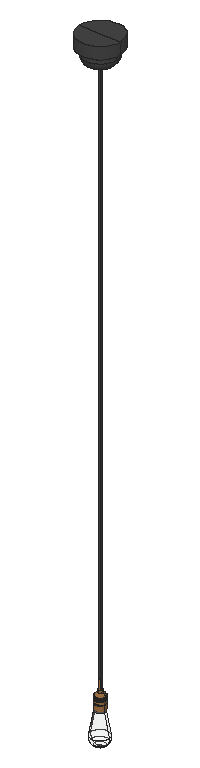
Revit family "SPO-BP MB", category Lighting Fixtures, Revit 2020
Family settings
  Round Connector Dimension = Use Diameter
  Part Type = Normal
  OmniClass Number = 23.80.70.00
  OmniClass Title = Lighting
  Work Plane-Based = No
  Always vertical = Yes
  Cut with Voids When Loaded = No
  Light Source = Yes
  Shared = No
  Room Calculation Point = No
Parameters (values of type "SPO-BP")
  Weight = "0.30 lbs"
  Wattage Comments = "60W Max"
  Wattage = 1.6 W
  Warranty = "5 year limited warranty"  # constant formula
  built-in parameter 1150110 = 1 (stored number, unit not read)
  Voltage = 277 V
  URL = "https://www.anplighting.com/assets/Uploads/product-attachments/specification-sheets/ANP-Specification-Sheet-SPO-BP.pdf"
  built-in parameter 1114217 = 1 (stored number, unit not read)
  Tilt Angle = 90.00°
  built-in parameter 1150109 = 1 (stored number, unit not read)
  built-in parameter 1150134 = 12
  built-in parameter 1150113 = 1 (stored number, unit not read)
  SPO-BP = yes
  Ring = RING
  Mounting Option [instance] = 1
  Power Factor = 1
  Post Mount [instance] = Mounting Option = 5  # no
  Placement X axis side [instance] = if(Post Mount, 2' 2 15/32", if(Cord or Stem Mount, 0' 0", if(E36 20 inch, 1' 8 1/4", if(E 6 26 inch, 2' 2", if(E7 41 inch, 3' 5 1/4", 0' 1")))))  # 0' - 0"
  Photometric Web File = "generic.ies"
  Model = "SPO-BP"
  Manufacturer = "ANP Lighting"  # constant formula
  built-in parameter 1150105 = 2000 (stored number, unit not read)
  Lumens = 2000 lm
  built-in parameter 1150115 = 1 (stored number, unit not read)
  Load Classification = Lighting
  Light Source Height [instance] = 0' - 6 205/256"
  built-in parameter 1150137 = (empty or 0)
  built-in parameter 1150139 = (empty or 0)
  Light Elevation _2 [instance] = if(Post Mount, 0' 0.66142", if(E7 41 inch, 0' 0.66142", if(E36 20 inch, 0' 1.65748", if(E 6 26 inch, 0' 1.53543", if(Cord or Stem Mount, (0' 4.3622" + Cord Length), 0' 0")))))  # 6' - 4.3622"
  Light Elevation _1 [instance] = if(Post Mount, 0' 0", if(E7 41 inch, 0' 0", if(E36 20 inch, 0' 1", if(E 6 26 inch, 0' 0.87402", if(Cord or Stem Mount, (0' 3.66142" + Cord Length), 0' 0")))))  # 6' - 3.66142"
  Light Elevation [instance] = if(Post Mount, 14' 0.5315", if(E7 41 inch, 0' 0", 0' 0"))  # 0' - 0"
  built-in parameter 1150112 = 1 (stored number, unit not read)
  built-in parameter 1150114 = 1 (stored number, unit not read)
  Lamp = "MED-BASE"
  built-in parameter 1150132 = 2
  built-in parameter 1150102 = (empty or 0)
  built-in parameter 1150107 = 4000 (stored number, unit not read)
  built-in parameter 1150138 = (empty or 0)
  built-in parameter 1150106 = 20 (stored number, unit not read)
  GLASS = Glass
  Fixture Height = 0' - 2 1/4"
  Fixture Diameter = 0' - 1 3/8"
  built-in parameter 1150104 = 116.13 (stored number, unit not read)
  E7 41 inch [instance] = Mounting Option = 4  # no
  E36 20 inch [instance] = Mounting Option = 3  # no
  E 6 26 inch [instance] = Mounting Option = 2  # no
  Dimming Lamp Color Temperature Shift = <None>
  Description = "120-277 Voltage"  # constant formula
  Default Elevation = 0' - 0"
  Cord or Stem Mount [instance] = Mounting Option = 1  # yes
  Cord Length option [instance] = 0
  Cord Length [instance] = if([2' Cord], 2' 0", if([4' Cord], 4' 0", if([8' Cord], 8' 0", if([10' Cord], 10' 0", if([6' Cord], 6' 0", 6' 0")))))  # 6' - 0"
  Construction Material = "Heavy Duty spun aluminum."  # constant formula
  Color Filter = 16777215
  Body Material = body
  Body Colour = "Spun aluminium"  # constant formula
  built-in parameter 1114218 = 1 (stored number, unit not read)
  built-in parameter 1150133 = 10 (stored number, unit not read)
  Apparent Load = 60 VA
  8' Cord [instance] = Cord Length option = 8  # no
  6' Cord [instance] = Cord Length option = 6  # no
  4' Cord [instance] = Cord Length option = 4  # no
  2' Cord [instance] = Cord Length option = 2  # no
  10' Cord [instance] = Cord Length option = 10  # no
Reference planes (in)
  plane 1 "Light Source Axis (F/B)": y = 0
  plane 2: z = 0
  plane 3 "Light Source Axis (L/R)": x = 0
  plane 4 "Light Source Elevation": z = 0
  plane 5: z = 0
  plane 6: x = 0
  plane 7 "Bulb Position": z = -76.3622
  plane 8 "Canopy Position": z = -75.66142
  plane 9 "IES": z = -83.16299
Dimensions and locks (in)
  "Light Elevation": plane 5 to plane 2
  "Placement X axis side": plane 6 to plane 3 "Light Source Axis (L/R)"
  "Light Elevation _2": plane 5 to plane 7 "Bulb Position"
  "Light Elevation _1": plane 5 to plane 8 "Canopy Position"
  "Light Source Height": plane 7 "Bulb Position" to plane 9 "IES"
  locked: plane 4 "Light Source Elevation" to plane 2
  aligned and locked: level to plane 2
  aligned and locked: plane 1 "Light Source Axis (F/B)" to nested 5
  aligned and locked: nested 5 to plane 2
  aligned and locked: nested 1 to plane 3 "Light Source Axis (L/R)"
  aligned and locked: plane 3 "Light Source Axis (L/R)" to nested 2
  aligned and locked: plane 3 "Light Source Axis (L/R)" to nested 4
  aligned and locked: nested 3 to plane 5
  aligned and locked: plane 3 "Light Source Axis (L/R)" to nested 3
  aligned and locked: plane 3 "Light Source Axis (L/R)" to nested 5
  aligned and locked: plane 1 "Light Source Axis (F/B)" to nested 2
  aligned and locked: plane 1 "Light Source Axis (F/B)" to nested 1
  aligned and locked: plane 1 "Light Source Axis (F/B)" to nested 4
  aligned and locked: plane 1 "Light Source Axis (F/B)" to nested 3
  aligned and locked: plane 2 to nested 1
  aligned and locked: plane 2 to nested 2
  aligned and locked: nested 4 to plane 2
  aligned and locked: imposter light to plane 9 "IES"
  aligned and locked: imposter light to plane 6
  aligned and locked: nested 6 to plane 6
  aligned and locked: nested 6 to plane 8 "Canopy Position"
Nested families (in)
  nested 1: "CORD OR STEM MOUNT" at (0, 0, -75.67), visible <- "Cord or Stem Mount", Cord or Stem Mount <- "Cord or Stem Mount", Body Material <- "Body Material", Light Elevation <- "Light Elevation", Cord Length <- "Cord Length", 10' Cord <- "10' Cord", 2' Cord <- "2' Cord", 4' Cord <- "4' Cord", 6' Cord <- "6' Cord", 8' Cord <- "8' Cord", type "CORD OR STEM MOUNT"
    with Light Elevation 0' - 0", Cord or Stem Mount yes, Cord Length 6' - 0", Body Material body, 8' Cord no, 6' Cord no, 4' Cord no, 2' Cord no, 10' Cord no
  nested 2: "E6 26 INCH" at (0, 0, 0), visible <- "E 6 26 inch", Chain Length <- "Cord Length", E 6 26 inch <- "E 6 26 inch", Placement X axis side <- "Placement X axis side", Body Material <- "Body Material", Light Elevation <- "Light Elevation", type "E6 26 INCH"
    with Placement X axis side 0' - 0", Light Elevation 0' - 0", E 6 26 inch no, Chain Length 6' - 0", Body Material body
  nested 3: "E7 41 INCH" at (0, 0, 0), Chain Length <- "Cord Length", visible <- "E7 41 inch", E7 41 inch <- "E7 41 inch", Placement X axis side <- "Placement X axis side", Body Material <- "Body Material", Light Elevation <- "Light Elevation", type "E7 41 INCH"
    with Placement X axis side 0' - 0", Light Elevation 0' - 0", E7 41 inch no, Chain Length 6' - 0", Body Material body
  nested 4: "E36 20 INCH" at (0, 0, 0), visible <- "E36 20 inch", E36 20 inch <- "E36 20 inch", Placement X axis side <- "Placement X axis side", Chain Length <- "Cord Length", Body Material <- "Body Material", Light Elevation <- "Light Elevation", type "E36 20 INCH"
    with Placement X axis side 0' - 0", Light Elevation 0' - 0", E36 20 inch no, Chain Length 6' - 0", Body Material body
  nested 5: "POST MOUNT" at (0, 0, 0), visible <- "Post Mount", Post Mount <- "Post Mount", Placement X axis side <- "Placement X axis side", Chain Length <- "Cord Length", Body Material <- "Body Material", Light Elevation <- "Light Elevation", type "POST MOUNT"
    with Post Mount no, Placement X axis side 0' - 0", Light Elevation 0' - 0", Chain Length 6' - 0", Body Material body
  nested 6: "SPO-AB" at (0, 0, -75.66142), Light Elevation <- "Light Elevation", Body <- "Ring", visible <- "SPO-BP", SPO-AB <- "SPO-BP", type "SPO-AB"
    with Light Elevation 0' - 0", Body RING
Definition of nested family "CORD OR STEM MOUNT"
  Parameters (values of type "CORD OR STEM MOUNT")
    URL = ""
    Model = ""
    Manufacturer = ""
    Light Elevation [instance] = 1' - 7.69"
    Default Elevation = 0' - 0"
    Cord or Stem Mount [instance] = yes
    Cord Length [instance] = 6' - 0"
    Body Material [instance] = none
    8' Cord [instance] = no
    6' Cord [instance] = no
    4' Cord [instance] = no
    2' Cord [instance] = no
    10' Cord [instance] = no
  Reference planes (in)
    plane 1 "Light Source Axis (F/B)": y = 0
    plane 2: z = 0
    plane 3 "Light Source Axis (L/R)": x = 0
    plane 4 "Light Source Elevation": z = 23.125
    plane 5: z = 91.69
    plane 6: z = 19.69
  Forms (in)
    Extrusion 1, void, not visible
      sketch origin (0, 0, 2.38154) x (1, 0, 0) y (0, 0, 1)
        loop
          circle (0, 4.59925) r 0.16583
      from 1.18594 to 1.75
    Extrusion 2, void, not visible
      sketch origin (0, 0, 2.38154) x (0.707107, -0.707107, 0) y (0, 0, 1)
        loop
          circle (0, 4.59925) r 0.16583
      from 1.18594 to 1.75
    Extrusion 3, void, not visible
      sketch origin (0, 0, 2.38154) x (0.707107, 0.707107, 0) y (0, 0, 1)
        loop
          circle (0, 4.59925) r 0.16583
      from 1.18594 to 1.75
    Extrusion 4, void, not visible
      sketch origin (0, 0, 2.38154) x (0, 1, 0) y (0, 0, 1)
        loop
          circle (0, 4.59925) r 0.16583
      from 1.18594 to 1.75
    Extrusion 5, void, not visible
      sketch origin (0, 0, 2.38154) x (-0.707107, 0.707107, 0) y (0, 0, 1)
        loop
          circle (0, 4.59925) r 0.16583
      from 1.18594 to 1.75
    Extrusion 6, void, not visible
      sketch origin (0, 0, 2.38154) x (-1, 0, 0) y (0, 0, 1)
        loop
          circle (0, 4.59925) r 0.20678
      from 1.18594 to 1.75
    Extrusion 7, void, not visible
      sketch origin (0, 0, 2.38154) x (-0.707107, -0.707107, 0) y (0, 0, 1)
        loop
          circle (0, 4.59925) r 0.16583
      from 1.18594 to 1.75
    Extrusion 8, void, not visible
      sketch origin (0, 0, 2.38154) x (0, -1, 0) y (0, 0, 1)
        loop
          circle (0, 4.59925) r 0.16583
      from 1.18594 to 1.75
    Revolve 9, solid, material <- "Body Material", visible <- "Cord or Stem Mount"
      sketch origin (0, 0, 174.56698) x (1, 0, 0) y (0, 0, 1)
        loop
          line (2.6875, -79.20698) -> (0, -79.20698) -> (0, -82.87698) -> (0.125, -82.87698) -> (0.125, -82.83698) -> (0.75, -82.83698)
          arc (0.75, -82.83698) -> (0.81694, -82.77004) -> (0.75, -82.7031) r 0.06694
          line (0.75, -82.7031) -> (0.89763, -82.7031) -> (1.00223, -82.5985) -> (1.06587, -82.5985)
          arc (1.06587, -82.5985) -> (1.80099, -82.29401) -> (2.10549, -81.55888) r 1.03962
          line (2.10549, -81.55888) -> (2.10549, -81.03899)
          arc (2.10549, -81.03899) -> (2.12951, -80.981) -> (2.1875, -80.95698) r 0.08201
          line (2.1875, -80.95698) -> (2.1875, -80.70698) -> (2.6875, -80.70698) -> (2.6875, -79.20698)
        axis (0, -79.20698) -> (0, -82.87698)
      angle from 0 to 360
    Revolve 10, solid, material <- "Body Material", visible <- "Cord or Stem Mount"
      sketch origin (0, 0, 0) x (1, 0, 0) y (0, 0, 1)
        loop
          line (0, 91.69) -> (-0.125, 91.69) -> (-0.125, 19.69) -> (0, 19.69) -> (0, 91.69)
        axis (0, 19.69) -> (0, 91.69)
      angle from 0 to 360
  Dimensions and locks (in)
    "Light Elevation": plane 6 to plane 2
    "Cord Length": plane 5 to plane 6
    locked: Revolve 10 sketch curve to Revolve 10 sketch curve at 0.125
    aligned and locked: level to plane 2
    aligned and locked: Revolve 10 sketch curve to plane 3 "Light Source Axis (L/R)"
    aligned and locked: Revolve 10 sketch curve to plane 6
    aligned and locked: Revolve 10 sketch curve to plane 5
    aligned and locked: plane 3 "Light Source Axis (L/R)" to Revolve 10 sketch curve
  Automatic sketch dimensions
    Revolve 9 sketch curve to plane 3 "Light Source Axis (L/R)" = 0' - 0"  (x2)
    Revolve 9 sketch curve to plane 5 = 0' - 0"
    plane 3 "Light Source Axis (L/R)" to Revolve 9 sketch curve = 0' - 0 1/8"
    Revolve 9 sketch curve to plane 5 = 0' - 0.17388"
    Revolve 9 sketch curve to Revolve 9 sketch curve = 0' - 0 5/8"
    Revolve 9 sketch curve to Revolve 9 sketch curve = 0' - 0.14763"
    Revolve 9 sketch curve to plane 5 = 0' - 0.27847"
    Revolve 9 sketch curve to Revolve 9 sketch curve = 0' - 0.1046"
    Revolve 9 sketch curve to Revolve 9 sketch curve = 0' - 0.06364"
    Revolve 9 sketch curve to Revolve 9 sketch curve = 0' - 1.03962"
    Revolve 9 sketch curve to Revolve 9 sketch curve = 0' - 0 21/256"
    Revolve 9 sketch curve to Revolve 9 sketch curve = 0' - 0 1/2"  (x2)
    Revolve 9 sketch curve to Revolve 9 sketch curve = 0' - 0.51989"
    Revolve 9 sketch curve to Revolve 9 sketch curve = 0' - 0 1/4"
    Revolve 9 sketch curve to Revolve 9 sketch curve = 0' - 2.3519"
    Revolve 9 sketch curve to Revolve 9 sketch curve = 0' - 1 1/4"
    Revolve 9 sketch curve to Revolve 9 sketch curve = 0' - 0.04"
    Revolve 10 sketch curve to Revolve 10 sketch curve = 0' - 0 1/2"
    Revolve 10 sketch curve to Revolve 10 sketch curve = 0' - 0.42345"
Definition of nested family "SPO-AB"
  Parameters (values of type "SPO-AB")
    SPO-AB [instance] = yes
    Light Elevation [instance] = 0' - 0"
    GLASS = none
    Default Elevation = 0' - 0"
    Body [instance] = none
  Reference planes (in)
    plane 1 "Center (Front/Back)": y = 0
    plane 2: z = 0
    plane 3 "Center (Left/Right)": x = 0
    plane 4: z = 0
  Dimensions and locks (in)
    "Light Elevation": plane 4 to plane 2
    locked: plane 4 to nested 2 at 2.25
    aligned and locked: plane 2 to level
    aligned and locked: plane 3 "Center (Left/Right)" to nested 1
    aligned and locked: plane 1 "Center (Front/Back)" to nested 1
    aligned and locked: plane 4 to nested 1
  Nested families (in)
    nested 1: "SPO-AB HOLDER" at (0, 0, -2.25), visible <- "SPO-AB", Body <- "Body", SPO-AB <- "SPO-AB", type "SPO-AB HOLDER"
    nested 2: "light" at (0, 0, -2.25), visible <- "SPO-AB", SPB <- "SPO-AB", Body <- "GLASS", type "light"
      with SPB yes, Body none
  Definition of nested family "SPO-AB HOLDER"
    Parameters (values of type "SPO-AB HOLDER")
      SPO-AB [instance] = yes
      Default Elevation = 0' - 0"
      Body [instance] = none
    Reference planes (in)
      plane 1 "Center (Front/Back)": y = 0
      plane 2: z = 0
      plane 3 "Center (Left/Right)": x = 0
      plane 4: z = 2.25
      plane 5: x = -0.67187
      plane 6: x = 0.67188
    Forms (in)
      Extrusion 1, solid, material <- "Body", visible <- "SPO-AB"
        sketch origin (0, 0, 0) x (1, 0, 0) y (0, 1, 0)
          loop
            circle (0, 0) r 0.1524
        from 2.25 to 3.52161
      Revolve 2, solid, material <- "Body", visible <- "SPO-AB"
        sketch origin (0, 0, 0) x (1, 0, 0) y (0, 0, 1)
          loop
            line (0, 2.25) -> (-0.24572, 2.25) -> (-0.24572, 1.96493)
            arc (-0.24572, 1.96493) -> (-0.46878, 1.82707) -> (-0.5977, 1.59872) r 0.5266
            line (-0.5977, 1.59872) -> (-0.67187, 1.59872) -> (-0.67187, 1.22149) -> (-0.63998, 1.22149) -> (-0.63998, 0.80249) -> (-0.60818, 0.7343) -> (-0.60818, 0) -> (0, 0) -> (0, 0.03906) -> (-0.56912, 0.03906) -> (-0.56912, 0.74296) -> (-0.60091, 0.81115) -> (-0.60091, 1.22149) -> (-0.63281, 1.22149) -> (-0.63281, 1.55966) -> (-0.5668, 1.55966)
            arc (-0.5668, 1.55966) -> (-0.44105, 1.79956) -> (-0.20666, 1.93531) r 0.48753
            line (-0.20666, 1.93531) -> (-0.20666, 2.21094) -> (0, 2.21094) -> (0, 2.25)
          axis (0, 0) -> (0, 2.25)
        angle from 0 to 360
      Extrusion 3, solid, material <- "Body", visible <- "SPO-AB"
        sketch origin (0.02835, 0.02835, 0) x (1, 0, 0) y (0, 1, 0)
          loop
            line (0.4381, 0.42191) -> (0.46327, 0.39674) -> (0.48646, 0.41993) -> (0.46129, 0.4451) -> (0.4381, 0.42191)
        from 1.28639 to 1.55966
      Extrusion 4, solid, material <- "Body", visible <- "SPO-AB"
        sketch origin (0.03049, 0.02603, 0) x (0.996897, -0.078721, 0) y (0.078721, 0.996897, 0)
          loop
            line (0.4381, 0.42191) -> (0.46327, 0.39674) -> (0.48646, 0.41993) -> (0.46129, 0.4451) -> (0.4381, 0.42191)
        from 1.28639 to 1.55966
      Extrusion 5, solid, material <- "Body", visible <- "SPO-AB"
        sketch origin (0.03245, 0.02355, 0) x (0.987606, -0.156954, 0) y (0.156954, 0.987606, 0)
          loop
            line (0.4381, 0.42191) -> (0.46327, 0.39674) -> (0.48646, 0.41993) -> (0.46129, 0.4451) -> (0.4381, 0.42191)
        from 1.28639 to 1.55966
      Extrusion 6, solid, material <- "Body", visible <- "SPO-AB"
        sketch origin (0.0342, 0.02092, 0) x (0.972185, -0.234213, 0) y (0.234213, 0.972185, 0)
          loop
            line (0.4381, 0.42191) -> (0.46327, 0.39674) -> (0.48646, 0.41993) -> (0.46129, 0.4451) -> (0.4381, 0.42191)
        from 1.28639 to 1.55966
      Extrusion 7, solid, material <- "Body", visible <- "SPO-AB"
        sketch origin (0.03574, 0.01816, 0) x (0.950731, -0.310018, 0) y (0.310018, 0.950731, 0)
          loop
            line (0.4381, 0.42191) -> (0.46327, 0.39674) -> (0.48646, 0.41993) -> (0.46129, 0.4451) -> (0.4381, 0.42191)
        from 1.28639 to 1.55966
      Extrusion 8, solid, material <- "Body", visible <- "SPO-AB"
        sketch origin (0.03706, 0.01529, 0) x (0.923375, -0.383899, 0) y (0.383899, 0.923375, 0)
          loop
            line (0.4381, 0.42191) -> (0.46327, 0.39674) -> (0.48646, 0.41993) -> (0.46129, 0.4451) -> (0.4381, 0.42191)
        from 1.28639 to 1.55966
      Extrusion 9, solid, material <- "Body", visible <- "SPO-AB"
        sketch origin (0.03815, 0.01233, 0) x (0.890289, -0.455397, 0) y (0.455397, 0.890289, 0)
          loop
            line (0.4381, 0.42191) -> (0.46327, 0.39674) -> (0.48646, 0.41993) -> (0.46129, 0.4451) -> (0.4381, 0.42191)
        from 1.28639 to 1.55966
      Extrusion 10, solid, material <- "Body", visible <- "SPO-AB"
        sketch origin (0.039, 0.00929, 0) x (0.851676, -0.524068, 0) y (0.524068, 0.851676, 0)
          loop
            line (0.4381, 0.42191) -> (0.46327, 0.39674) -> (0.48646, 0.41993) -> (0.46129, 0.4451) -> (0.4381, 0.42191)
        from 1.28639 to 1.55966
      Extrusion 11, solid, material <- "Body", visible <- "SPO-AB"
        sketch origin (0.03961, 0.00619, 0) x (0.807778, -0.589487, 0) y (0.589487, 0.807778, 0)
          loop
            line (0.4381, 0.42191) -> (0.46327, 0.39674) -> (0.48646, 0.41993) -> (0.46129, 0.4451) -> (0.4381, 0.42191)
        from 1.28639 to 1.55966
      Extrusion 12, solid, material <- "Body", visible <- "SPO-AB"
        sketch origin (0.03997, 0.00305, 0) x (0.758866, -0.651247, 0) y (0.651247, 0.758866, 0)
          loop
            line (0.4381, 0.42191) -> (0.46327, 0.39674) -> (0.48646, 0.41993) -> (0.46129, 0.4451) -> (0.4381, 0.42191)
        from 1.28639 to 1.55966
      Extrusion 13, solid, material <- "Body", visible <- "SPO-AB"
        sketch origin (0.04009, -0.00011, 0) x (0.705244, -0.708965, 0) y (0.708965, 0.705244, 0)
          loop
            line (0.4381, 0.42191) -> (0.46327, 0.39674) -> (0.48646, 0.41993) -> (0.46129, 0.4451) -> (0.4381, 0.42191)
        from 1.28639 to 1.55966
      Extrusion 14, solid, material <- "Body", visible <- "SPO-AB"
        sketch origin (0.03996, -0.00326, 0) x (0.647245, -0.762282, 0) y (0.762282, 0.647245, 0)
          loop
            line (0.4381, 0.42191) -> (0.46327, 0.39674) -> (0.48646, 0.41993) -> (0.46129, 0.4451) -> (0.4381, 0.42191)
        from 1.28639 to 1.55966
      Extrusion 15, solid, material <- "Body", visible <- "SPO-AB"
        sketch origin (0.03958, -0.0064, 0) x (0.585228, -0.810869, 0) y (0.810869, 0.585228, 0)
          loop
            line (0.4381, 0.42191) -> (0.46327, 0.39674) -> (0.48646, 0.41993) -> (0.46129, 0.4451) -> (0.4381, 0.42191)
        from 1.28639 to 1.55966
      Extrusion 16, solid, material <- "Body", visible <- "SPO-AB"
        sketch origin (0.03895, -0.00949, 0) x (0.519579, -0.854422, 0) y (0.854422, 0.519579, 0)
          loop
            line (0.4381, 0.42191) -> (0.46327, 0.39674) -> (0.48646, 0.41993) -> (0.46129, 0.4451) -> (0.4381, 0.42191)
        from 1.28639 to 1.55966
      Extrusion 17, solid, material <- "Body", visible <- "SPO-AB"
        sketch origin (0.03808, -0.01253, 0) x (0.450705, -0.892673, 0) y (0.892673, 0.450705, 0)
          loop
            line (0.4381, 0.42191) -> (0.46327, 0.39674) -> (0.48646, 0.41993) -> (0.46129, 0.4451) -> (0.4381, 0.42191)
        from 1.28639 to 1.55966
      Extrusion 18, solid, material <- "Body", visible <- "SPO-AB"
        sketch origin (0.03698, -0.01549, 0) x (0.379034, -0.925383, 0) y (0.925383, 0.379034, 0)
          loop
            line (0.4381, 0.42191) -> (0.46327, 0.39674) -> (0.48646, 0.41993) -> (0.46129, 0.4451) -> (0.4381, 0.42191)
        from 1.28639 to 1.55966
      Extrusion 19, solid, material <- "Body", visible <- "SPO-AB"
        sketch origin (0.03564, -0.01835, 0) x (0.305011, -0.952349, 0) y (0.952349, 0.305011, 0)
          loop
            line (0.4381, 0.42191) -> (0.46327, 0.39674) -> (0.48646, 0.41993) -> (0.46129, 0.4451) -> (0.4381, 0.42191)
        from 1.28639 to 1.55966
      Extrusion 20, solid, material <- "Body", visible <- "SPO-AB"
        sketch origin (0.03409, -0.0211, 0) x (0.229094, -0.973404, 0) y (0.973404, 0.229094, 0)
          loop
            line (0.4381, 0.42191) -> (0.46327, 0.39674) -> (0.48646, 0.41993) -> (0.46129, 0.4451) -> (0.4381, 0.42191)
        from 1.28639 to 1.55966
      Extrusion 21, solid, material <- "Body", visible <- "SPO-AB"
        sketch origin (0.03232, -0.02372, 0) x (0.151755, -0.988418, 0) y (0.988418, 0.151755, 0)
          loop
            line (0.4381, 0.42191) -> (0.46327, 0.39674) -> (0.48646, 0.41993) -> (0.46129, 0.4451) -> (0.4381, 0.42191)
        from 1.28639 to 1.55966
      Extrusion 22, solid, material <- "Body", visible <- "SPO-AB"
        sketch origin (0.03035, -0.02619, 0) x (0.073474, -0.997297, 0) y (0.997297, 0.073474, 0)
          loop
            line (0.4381, 0.42191) -> (0.46327, 0.39674) -> (0.48646, 0.41993) -> (0.46129, 0.4451) -> (0.4381, 0.42191)
        from 1.28639 to 1.55966
      Extrusion 23, solid, material <- "Body", visible <- "SPO-AB"
        sketch origin (0.0282, -0.0285, 0) x (-0.005262, -0.999986, 0) y (0.999986, -0.005262, 0)
          loop
            line (0.4381, 0.42191) -> (0.46327, 0.39674) -> (0.48646, 0.41993) -> (0.46129, 0.4451) -> (0.4381, 0.42191)
        from 1.28639 to 1.55966
      Extrusion 24, solid, material <- "Body", visible <- "SPO-AB"
        sketch origin (0.02587, -0.03063, 0) x (-0.083966, -0.996469, 0) y (0.996469, -0.083966, 0)
          loop
            line (0.4381, 0.42191) -> (0.46327, 0.39674) -> (0.48646, 0.41993) -> (0.46129, 0.4451) -> (0.4381, 0.42191)
        from 1.28639 to 1.55966
      Extrusion 25, solid, material <- "Body", visible <- "SPO-AB"
        sketch origin (0.02338, -0.03257, 0) x (-0.162149, -0.986766, 0) y (0.986766, -0.162149, 0)
          loop
            line (0.4381, 0.42191) -> (0.46327, 0.39674) -> (0.48646, 0.41993) -> (0.46129, 0.4451) -> (0.4381, 0.42191)
        from 1.28639 to 1.55966
      Extrusion 26, solid, material <- "Body", visible <- "SPO-AB"
        sketch origin (0.02074, -0.03431, 0) x (-0.239325, -0.970939, 0) y (0.970939, -0.239325, 0)
          loop
            line (0.4381, 0.42191) -> (0.46327, 0.39674) -> (0.48646, 0.41993) -> (0.46129, 0.4451) -> (0.4381, 0.42191)
        from 1.28639 to 1.55966
      Extrusion 27, solid, material <- "Body", visible <- "SPO-AB"
        sketch origin (0.01797, -0.03583, 0) x (-0.315016, -0.949086, 0) y (0.949086, -0.315016, 0)
          loop
            line (0.4381, 0.42191) -> (0.46327, 0.39674) -> (0.48646, 0.41993) -> (0.46129, 0.4451) -> (0.4381, 0.42191)
        from 1.28639 to 1.55966
      Extrusion 28, solid, material <- "Body", visible <- "SPO-AB"
        sketch origin (0.0151, -0.03714, 0) x (-0.388752, -0.921342, 0) y (0.921342, -0.388752, 0)
          loop
            line (0.4381, 0.42191) -> (0.46327, 0.39674) -> (0.48646, 0.41993) -> (0.46129, 0.4451) -> (0.4381, 0.42191)
        from 1.28639 to 1.55966
      Extrusion 29, solid, material <- "Body", visible <- "SPO-AB"
        sketch origin (0.01213, -0.03821, 0) x (-0.460075, -0.88788, 0) y (0.88788, -0.460075, 0)
          loop
            line (0.4381, 0.42191) -> (0.46327, 0.39674) -> (0.48646, 0.41993) -> (0.46129, 0.4451) -> (0.4381, 0.42191)
        from 1.28639 to 1.55966
      Extrusion 30, solid, material <- "Body", visible <- "SPO-AB"
        sketch origin (0.00908, -0.03905, 0) x (-0.528542, -0.848907, 0) y (0.848907, -0.528542, 0)
          loop
            line (0.4381, 0.42191) -> (0.46327, 0.39674) -> (0.48646, 0.41993) -> (0.46129, 0.4451) -> (0.4381, 0.42191)
        from 1.28639 to 1.55966
      Extrusion 31, solid, material <- "Body", visible <- "SPO-AB"
        sketch origin (0.00598, -0.03964, 0) x (-0.593729, -0.804665, 0) y (0.804665, -0.593729, 0)
          loop
            line (0.4381, 0.42191) -> (0.46327, 0.39674) -> (0.48646, 0.41993) -> (0.46129, 0.4451) -> (0.4381, 0.42191)
        from 1.28639 to 1.55966
      Extrusion 32, solid, material <- "Body", visible <- "SPO-AB"
        sketch origin (0.00284, -0.03999, 0) x (-0.655231, -0.755428, 0) y (0.755428, -0.655231, 0)
          loop
            line (0.4381, 0.42191) -> (0.46327, 0.39674) -> (0.48646, 0.41993) -> (0.46129, 0.4451) -> (0.4381, 0.42191)
        from 1.28639 to 1.55966
      Extrusion 33, solid, material <- "Body", visible <- "SPO-AB"
        sketch origin (-0.00032, -0.04009, 0) x (-0.712666, -0.701503, 0) y (0.701503, -0.712666, 0)
          loop
            line (0.4381, 0.42191) -> (0.46327, 0.39674) -> (0.48646, 0.41993) -> (0.46129, 0.4451) -> (0.4381, 0.42191)
        from 1.28639 to 1.55966
      Extrusion 34, solid, material <- "Body", visible <- "SPO-AB"
        sketch origin (-0.00347, -0.03994, 0) x (-0.765678, -0.643224, 0) y (0.643224, -0.765678, 0)
          loop
            line (0.4381, 0.42191) -> (0.46327, 0.39674) -> (0.48646, 0.41993) -> (0.46129, 0.4451) -> (0.4381, 0.42191)
        from 1.28639 to 1.55966
      Extrusion 35, solid, material <- "Body", visible <- "SPO-AB"
        sketch origin (-0.0066, -0.03954, 0) x (-0.813937, -0.580953, 0) y (0.580953, -0.813937, 0)
          loop
            line (0.4381, 0.42191) -> (0.46327, 0.39674) -> (0.48646, 0.41993) -> (0.46129, 0.4451) -> (0.4381, 0.42191)
        from 1.28639 to 1.55966
      Extrusion 36, solid, material <- "Body", visible <- "SPO-AB"
        sketch origin (-0.0097, -0.0389, 0) x (-0.857145, -0.515076, 0) y (0.515076, -0.857145, 0)
          loop
            line (0.4381, 0.42191) -> (0.46327, 0.39674) -> (0.48646, 0.41993) -> (0.46129, 0.4451) -> (0.4381, 0.42191)
        from 1.28639 to 1.55966
      Extrusion 37, solid, material <- "Body", visible <- "SPO-AB"
        sketch origin (-0.01273, -0.03802, 0) x (-0.895032, -0.446002, 0) y (0.446002, -0.895032, 0)
          loop
            line (0.4381, 0.42191) -> (0.46327, 0.39674) -> (0.48646, 0.41993) -> (0.46129, 0.4451) -> (0.4381, 0.42191)
        from 1.28639 to 1.55966
      Extrusion 38, solid, material <- "Body", visible <- "SPO-AB"
        sketch origin (-0.01568, -0.0369, 0) x (-0.927364, -0.374159, 0) y (0.374159, -0.927364, 0)
          loop
            line (0.4381, 0.42191) -> (0.46327, 0.39674) -> (0.48646, 0.41993) -> (0.46129, 0.4451) -> (0.4381, 0.42191)
        from 1.28639 to 1.55966
      Extrusion 39, solid, material <- "Body", visible <- "SPO-AB"
        sketch origin (-0.01854, -0.03555, 0) x (-0.953941, -0.299995, 0) y (0.299995, -0.953941, 0)
          loop
            line (0.4381, 0.42191) -> (0.46327, 0.39674) -> (0.48646, 0.41993) -> (0.46129, 0.4451) -> (0.4381, 0.42191)
        from 1.28639 to 1.55966
      Extrusion 40, solid, material <- "Body", visible <- "SPO-AB"
        sketch origin (-0.02128, -0.03398, 0) x (-0.974596, -0.223968, 0) y (0.223968, -0.974596, 0)
          loop
            line (0.4381, 0.42191) -> (0.46327, 0.39674) -> (0.48646, 0.41993) -> (0.46129, 0.4451) -> (0.4381, 0.42191)
        from 1.28639 to 1.55966
      Extrusion 41, solid, material <- "Body", visible <- "SPO-AB"
        sketch origin (-0.02389, -0.0322, 0) x (-0.989203, -0.146552, 0) y (0.146552, -0.989203, 0)
          loop
            line (0.4381, 0.42191) -> (0.46327, 0.39674) -> (0.48646, 0.41993) -> (0.46129, 0.4451) -> (0.4381, 0.42191)
        from 1.28639 to 1.55966
      Extrusion 42, solid, material <- "Body", visible <- "SPO-AB"
        sketch origin (-0.02635, -0.03022, 0) x (-0.99767, -0.068226, 0) y (0.068226, -0.99767, 0)
          loop
            line (0.4381, 0.42191) -> (0.46327, 0.39674) -> (0.48646, 0.41993) -> (0.46129, 0.4451) -> (0.4381, 0.42191)
        from 1.28639 to 1.55966
      Extrusion 43, solid, material <- "Body", visible <- "SPO-AB"
        sketch origin (-0.02864, -0.02805, 0) x (-0.999945, 0.010524, 0) y (-0.010524, -0.999945, 0)
          loop
            line (0.4381, 0.42191) -> (0.46327, 0.39674) -> (0.48646, 0.41993) -> (0.46129, 0.4451) -> (0.4381, 0.42191)
        from 1.28639 to 1.55966
      Extrusion 44, solid, material <- "Body", visible <- "SPO-AB"
        sketch origin (-0.03076, -0.02571, 0) x (-0.996013, 0.089209, 0) y (-0.089209, -0.996013, 0)
          loop
            line (0.4381, 0.42191) -> (0.46327, 0.39674) -> (0.48646, 0.41993) -> (0.46129, 0.4451) -> (0.4381, 0.42191)
        from 1.28639 to 1.55966
      Extrusion 45, solid, material <- "Body", visible <- "SPO-AB"
        sketch origin (-0.03269, -0.0232, 0) x (-0.985899, 0.167339, 0) y (-0.167339, -0.985899, 0)
          loop
            line (0.4381, 0.42191) -> (0.46327, 0.39674) -> (0.48646, 0.41993) -> (0.46129, 0.4451) -> (0.4381, 0.42191)
        from 1.28639 to 1.55966
      Extrusion 46, solid, material <- "Body", visible <- "SPO-AB"
        sketch origin (-0.03442, -0.02056, 0) x (-0.969667, 0.244431, 0) y (-0.244431, -0.969667, 0)
          loop
            line (0.4381, 0.42191) -> (0.46327, 0.39674) -> (0.48646, 0.41993) -> (0.46129, 0.4451) -> (0.4381, 0.42191)
        from 1.28639 to 1.55966
      Extrusion 47, solid, material <- "Body", visible <- "SPO-AB"
        sketch origin (-0.03593, -0.01779, 0) x (-0.947415, 0.320006, 0) y (-0.320006, -0.947415, 0)
          loop
            line (0.4381, 0.42191) -> (0.46327, 0.39674) -> (0.48646, 0.41993) -> (0.46129, 0.4451) -> (0.4381, 0.42191)
        from 1.28639 to 1.55966
      Extrusion 48, solid, material <- "Body", visible <- "SPO-AB"
        sketch origin (-0.03722, -0.0149, 0) x (-0.919284, 0.393595, 0) y (-0.393595, -0.919284, 0)
          loop
            line (0.4381, 0.42191) -> (0.46327, 0.39674) -> (0.48646, 0.41993) -> (0.46129, 0.4451) -> (0.4381, 0.42191)
        from 1.28639 to 1.55966
      Extrusion 49, solid, material <- "Body", visible <- "SPO-AB"
        sketch origin (-0.03827, -0.01193, 0) x (-0.885447, 0.464741, 0) y (-0.464741, -0.885447, 0)
          loop
            line (0.4381, 0.42191) -> (0.46327, 0.39674) -> (0.48646, 0.41993) -> (0.46129, 0.4451) -> (0.4381, 0.42191)
        from 1.28639 to 1.55966
      Extrusion 50, solid, material <- "Body", visible <- "SPO-AB"
        sketch origin (-0.03909, -0.00888, 0) x (-0.846114, 0.533002, 0) y (-0.533002, -0.846114, 0)
          loop
            line (0.4381, 0.42191) -> (0.46327, 0.39674) -> (0.48646, 0.41993) -> (0.46129, 0.4451) -> (0.4381, 0.42191)
        from 1.28639 to 1.55966
      Extrusion 51, solid, material <- "Body", visible <- "SPO-AB"
        sketch origin (-0.03967, -0.00577, 0) x (-0.801529, 0.597955, 0) y (-0.597955, -0.801529, 0)
          loop
            line (0.4381, 0.42191) -> (0.46327, 0.39674) -> (0.48646, 0.41993) -> (0.46129, 0.4451) -> (0.4381, 0.42191)
        from 1.28639 to 1.55966
      Extrusion 52, solid, material <- "Body", visible <- "SPO-AB"
        sketch origin (-0.04, -0.00263, 0) x (-0.75197, 0.659197, 0) y (-0.659197, -0.75197, 0)
          loop
            line (0.4381, 0.42191) -> (0.46327, 0.39674) -> (0.48646, 0.41993) -> (0.46129, 0.4451) -> (0.4381, 0.42191)
        from 1.28639 to 1.55966
      Extrusion 53, solid, material <- "Body", visible <- "SPO-AB"
        sketch origin (-0.04009, 0.00053, 0) x (-0.697744, 0.716348, 0) y (-0.716348, -0.697744, 0)
          loop
            line (0.4381, 0.42191) -> (0.46327, 0.39674) -> (0.48646, 0.41993) -> (0.46129, 0.4451) -> (0.4381, 0.42191)
        from 1.28639 to 1.55966
      Extrusion 54, solid, material <- "Body", visible <- "SPO-AB"
        sketch origin (-0.03992, 0.00368, 0) x (-0.639186, 0.769052, 0) y (-0.769052, -0.639186, 0)
          loop
            line (0.4381, 0.42191) -> (0.46327, 0.39674) -> (0.48646, 0.41993) -> (0.46129, 0.4451) -> (0.4381, 0.42191)
        from 1.28639 to 1.55966
      Extrusion 55, solid, material <- "Body", visible <- "SPO-AB"
        sketch origin (-0.03951, 0.00681, 0) x (-0.576662, 0.816983, 0) y (-0.816983, -0.576662, 0)
          loop
            line (0.4381, 0.42191) -> (0.46327, 0.39674) -> (0.48646, 0.41993) -> (0.46129, 0.4451) -> (0.4381, 0.42191)
        from 1.28639 to 1.55966
      Extrusion 56, solid, material <- "Body", visible <- "SPO-AB"
        sketch origin (-0.03885, 0.0099, 0) x (-0.510558, 0.859843, 0) y (-0.859843, -0.510558, 0)
          loop
            line (0.4381, 0.42191) -> (0.46327, 0.39674) -> (0.48646, 0.41993) -> (0.46129, 0.4451) -> (0.4381, 0.42191)
        from 1.28639 to 1.55966
      Extrusion 57, solid, material <- "Body", visible <- "SPO-AB"
        sketch origin (-0.03795, 0.01293, 0) x (-0.441286, 0.897367, 0) y (-0.897367, -0.441286, 0)
          loop
            line (0.4381, 0.42191) -> (0.46327, 0.39674) -> (0.48646, 0.41993) -> (0.46129, 0.4451) -> (0.4381, 0.42191)
        from 1.28639 to 1.55966
      Extrusion 58, solid, material <- "Body", visible <- "SPO-AB"
        sketch origin (-0.03681, 0.01588, 0) x (-0.369274, 0.92932, 0) y (-0.92932, -0.369274, 0)
          loop
            line (0.4381, 0.42191) -> (0.46327, 0.39674) -> (0.48646, 0.41993) -> (0.46129, 0.4451) -> (0.4381, 0.42191)
        from 1.28639 to 1.55966
      Extrusion 59, solid, material <- "Body", visible <- "SPO-AB"
        sketch origin (-0.03545, 0.01872, 0) x (-0.294971, 0.955506, 0) y (-0.955506, -0.294971, 0)
          loop
            line (0.4381, 0.42191) -> (0.46327, 0.39674) -> (0.48646, 0.41993) -> (0.46129, 0.4451) -> (0.4381, 0.42191)
        from 1.28639 to 1.55966
      Extrusion 60, solid, material <- "Body", visible <- "SPO-AB"
        sketch origin (-0.03386, 0.02146, 0) x (-0.218837, 0.975761, 0) y (-0.975761, -0.218837, 0)
          loop
            line (0.4381, 0.42191) -> (0.46327, 0.39674) -> (0.48646, 0.41993) -> (0.46129, 0.4451) -> (0.4381, 0.42191)
        from 1.28639 to 1.55966
      Extrusion 61, solid, material <- "Body", visible <- "SPO-AB"
        sketch origin (-0.03207, 0.02406, 0) x (-0.141344, 0.98996, 0) y (-0.98996, -0.141344, 0)
          loop
            line (0.4381, 0.42191) -> (0.46327, 0.39674) -> (0.48646, 0.41993) -> (0.46129, 0.4451) -> (0.4381, 0.42191)
        from 1.28639 to 1.55966
      Extrusion 62, solid, material <- "Body", visible <- "SPO-AB"
        sketch origin (-0.03008, 0.02651, 0) x (-0.062975, 0.998015, 0) y (-0.998015, -0.062975, 0)
          loop
            line (0.4381, 0.42191) -> (0.46327, 0.39674) -> (0.48646, 0.41993) -> (0.46129, 0.4451) -> (0.4381, 0.42191)
        from 1.28639 to 1.55966
      Extrusion 63, solid, material <- "Body", visible <- "SPO-AB"
        sketch origin (-0.0279, 0.02879, 0) x (0.015786, 0.999875, 0) y (-0.999875, 0.015786, 0)
          loop
            line (0.4381, 0.42191) -> (0.46327, 0.39674) -> (0.48646, 0.41993) -> (0.46129, 0.4451) -> (0.4381, 0.42191)
        from 1.28639 to 1.55966
      Extrusion 64, solid, material <- "Body", visible <- "SPO-AB"
        sketch origin (-0.02554, 0.0309, 0) x (0.094449, 0.99553, 0) y (-0.99553, 0.094449, 0)
          loop
            line (0.4381, 0.42191) -> (0.46327, 0.39674) -> (0.48646, 0.41993) -> (0.46129, 0.4451) -> (0.4381, 0.42191)
        from 1.28639 to 1.55966
      Extrusion 65, solid, material <- "Body", visible <- "SPO-AB"
        sketch origin (-0.02303, 0.03281, 0) x (0.172525, 0.985005, 0) y (-0.985005, 0.172525, 0)
          loop
            line (0.4381, 0.42191) -> (0.46327, 0.39674) -> (0.48646, 0.41993) -> (0.46129, 0.4451) -> (0.4381, 0.42191)
        from 1.28639 to 1.55966
      Extrusion 66, solid, material <- "Body", visible <- "SPO-AB"
        sketch origin (-0.02038, 0.03452, 0) x (0.24953, 0.968367, 0) y (-0.968367, 0.24953, 0)
          loop
            line (0.4381, 0.42191) -> (0.46327, 0.39674) -> (0.48646, 0.41993) -> (0.46129, 0.4451) -> (0.4381, 0.42191)
        from 1.28639 to 1.55966
      Extrusion 67, solid, material <- "Body", visible <- "SPO-AB"
        sketch origin (-0.0176, 0.03602, 0) x (0.324987, 0.945718, 0) y (-0.945718, 0.324987, 0)
          loop
            line (0.4381, 0.42191) -> (0.46327, 0.39674) -> (0.48646, 0.41993) -> (0.46129, 0.4451) -> (0.4381, 0.42191)
        from 1.28639 to 1.55966
      Extrusion 68, solid, material <- "Body", visible <- "SPO-AB"
        sketch origin (-0.01471, 0.03729, 0) x (0.398427, 0.9172, 0) y (-0.9172, 0.398427, 0)
          loop
            line (0.4381, 0.42191) -> (0.46327, 0.39674) -> (0.48646, 0.41993) -> (0.46129, 0.4451) -> (0.4381, 0.42191)
        from 1.28639 to 1.55966
      Extrusion 69, solid, material <- "Body", visible <- "SPO-AB"
        sketch origin (-0.01172, 0.03834, 0) x (0.469394, 0.882989, 0) y (-0.882989, 0.469394, 0)
          loop
            line (0.4381, 0.42191) -> (0.46327, 0.39674) -> (0.48646, 0.41993) -> (0.46129, 0.4451) -> (0.4381, 0.42191)
        from 1.28639 to 1.55966
      Extrusion 70, solid, material <- "Body", visible <- "SPO-AB"
        sketch origin (-0.00867, 0.03914, 0) x (0.537447, 0.843297, 0) y (-0.843297, 0.537447, 0)
          loop
            line (0.4381, 0.42191) -> (0.46327, 0.39674) -> (0.48646, 0.41993) -> (0.46129, 0.4451) -> (0.4381, 0.42191)
        from 1.28639 to 1.55966
      Extrusion 71, solid, material <- "Body", visible <- "SPO-AB"
        sketch origin (-0.00556, 0.0397, 0) x (0.602165, 0.798372, 0) y (-0.798372, 0.602165, 0)
          loop
            line (0.4381, 0.42191) -> (0.46327, 0.39674) -> (0.48646, 0.41993) -> (0.46129, 0.4451) -> (0.4381, 0.42191)
        from 1.28639 to 1.55966
      Extrusion 72, solid, material <- "Body", visible <- "SPO-AB"
        sketch origin (-0.00242, 0.04002, 0) x (0.663145, 0.748491, 0) y (-0.748491, 0.663145, 0)
          loop
            line (0.4381, 0.42191) -> (0.46327, 0.39674) -> (0.48646, 0.41993) -> (0.46129, 0.4451) -> (0.4381, 0.42191)
        from 1.28639 to 1.55966
      Extrusion 73, solid, material <- "Body", visible <- "SPO-AB"
        sketch origin (0.00074, 0.04008, 0) x (0.720009, 0.693964, 0) y (-0.693964, 0.720009, 0)
          loop
            line (0.4381, 0.42191) -> (0.46327, 0.39674) -> (0.48646, 0.41993) -> (0.46129, 0.4451) -> (0.4381, 0.42191)
        from 1.28639 to 1.55966
      Extrusion 74, solid, material <- "Body", visible <- "SPO-AB"
        sketch origin (0.00389, 0.0399, 0) x (0.772405, 0.635131, 0) y (-0.635131, 0.772405, 0)
          loop
            line (0.4381, 0.42191) -> (0.46327, 0.39674) -> (0.48646, 0.41993) -> (0.46129, 0.4451) -> (0.4381, 0.42191)
        from 1.28639 to 1.55966
      Extrusion 75, solid, material <- "Body", visible <- "SPO-AB"
        sketch origin (0.00702, 0.03947, 0) x (0.820006, 0.572355, 0) y (-0.572355, 0.820006, 0)
          loop
            line (0.4381, 0.42191) -> (0.46327, 0.39674) -> (0.48646, 0.41993) -> (0.46129, 0.4451) -> (0.4381, 0.42191)
        from 1.28639 to 1.55966
      Extrusion 76, solid, material <- "Body", visible <- "SPO-AB"
        sketch origin (0.01011, 0.0388, 0) x (0.862518, 0.506027, 0) y (-0.506027, 0.862518, 0)
          loop
            line (0.4381, 0.42191) -> (0.46327, 0.39674) -> (0.48646, 0.41993) -> (0.46129, 0.4451) -> (0.4381, 0.42191)
        from 1.28639 to 1.55966
      Extrusion 77, solid, material <- "Body", visible <- "SPO-AB"
        sketch origin (0.01313, 0.03788, 0) x (0.899676, 0.436558, 0) y (-0.436558, 0.899676, 0)
          loop
            line (0.4381, 0.42191) -> (0.46327, 0.39674) -> (0.48646, 0.41993) -> (0.46129, 0.4451) -> (0.4381, 0.42191)
        from 1.28639 to 1.55966
      Extrusion 78, solid, material <- "Body", visible <- "SPO-AB"
        sketch origin (0.01607, 0.03673, 0) x (0.931251, 0.364379, 0) y (-0.364379, 0.931251, 0)
          loop
            line (0.4381, 0.42191) -> (0.46327, 0.39674) -> (0.48646, 0.41993) -> (0.46129, 0.4451) -> (0.4381, 0.42191)
        from 1.28639 to 1.55966
      Extrusion 79, solid, material <- "Body", visible <- "SPO-AB"
        sketch origin (0.01891, 0.03535, 0) x (0.957045, 0.289939, 0) y (-0.289939, 0.957045, 0)
          loop
            line (0.4381, 0.42191) -> (0.46327, 0.39674) -> (0.48646, 0.41993) -> (0.46129, 0.4451) -> (0.4381, 0.42191)
        from 1.28639 to 1.55966
      Extrusion 80, solid, material <- "Body", visible <- "SPO-AB"
        sketch origin (0.02163, 0.03375, 0) x (0.9769, 0.213699, 0) y (-0.213699, 0.9769, 0)
          loop
            line (0.4381, 0.42191) -> (0.46327, 0.39674) -> (0.48646, 0.41993) -> (0.46129, 0.4451) -> (0.4381, 0.42191)
        from 1.28639 to 1.55966
      Extrusion 81, solid, material <- "Body", visible <- "SPO-AB"
        sketch origin (0.02422, 0.03194, 0) x (0.990691, 0.136133, 0) y (-0.136133, 0.990691, 0)
          loop
            line (0.4381, 0.42191) -> (0.46327, 0.39674) -> (0.48646, 0.41993) -> (0.46129, 0.4451) -> (0.4381, 0.42191)
        from 1.28639 to 1.55966
      Extrusion 82, solid, material <- "Body", visible <- "SPO-AB"
        sketch origin (0.02666, 0.02994, 0) x (0.998333, 0.057722, 0) y (-0.057722, 0.998333, 0)
          loop
            line (0.4381, 0.42191) -> (0.46327, 0.39674) -> (0.48646, 0.41993) -> (0.46129, 0.4451) -> (0.4381, 0.42191)
        from 1.28639 to 1.55966
    Dimensions and locks (in)
      locked: plane 4 to plane 2 at 2.25
      equal spacing: plane 6, plane 3 "Center (Left/Right)", plane 5
      plane 6 to plane 5 = 0' - 1 11/32"
      aligned and locked: plane 2 to level
    Automatic sketch dimensions
      plane 1 "Center (Front/Back)" to Extrusion 1 sketch curve = 0' - 0"
      Extrusion 1 sketch curve to plane 3 "Center (Left/Right)" = 0' - 0"
      Revolve 2 sketch curve to Revolve 2 sketch curve = 0' - 0"  (x3)
      Revolve 2 sketch curve to plane 5 = 0' - 0"
      Revolve 2 sketch curve to level = 0' - 0"
      Revolve 2 sketch curve to plane 4 = 0' - 0"
      Revolve 2 sketch curve to plane 3 "Center (Left/Right)" = 0' - 0"  (x3)
      plane 5 to Revolve 2 sketch curve = 0' - 0.0319"
      plane 5 to Revolve 2 sketch curve = 0' - 0 5/128"
      plane 5 to Revolve 2 sketch curve = 0' - 0.06369"
      Revolve 2 sketch curve to Revolve 2 sketch curve = 0' - 0.0319"
      Revolve 2 sketch curve to Revolve 2 sketch curve = 0' - 0.03511"
      Revolve 2 sketch curve to Revolve 2 sketch curve = 0' - 0 5/128"  (x3)
      Revolve 2 sketch curve to Revolve 2 sketch curve = 0' - 0.0309"
      Revolve 2 sketch curve to plane 3 "Center (Left/Right)" = 0' - 0.24572"
      Revolve 2 sketch curve to plane 3 "Center (Left/Right)" = 0' - 0.08912"
      level to Revolve 2 sketch curve = 0' - 0 5/128"
      Revolve 2 sketch curve to Revolve 2 sketch curve = 0' - 0.69524"
      Revolve 2 sketch curve to Revolve 2 sketch curve = 0' - 0.00866"  (x2)
      Revolve 2 sketch curve to Revolve 2 sketch curve = 0' - 0.06818"
      Revolve 2 sketch curve to Revolve 2 sketch curve = 0' - 0.41034"
      Revolve 2 sketch curve to Revolve 2 sketch curve = 0' - 0.24067"
      Revolve 2 sketch curve to Revolve 2 sketch curve = 0' - 0.33817"
      Revolve 2 sketch curve to plane 4 = 0' - 0 5/128"
      Revolve 2 sketch curve to Revolve 2 sketch curve = 0' - 0.23971"
      Revolve 2 sketch curve to Revolve 2 sketch curve = 0' - 0.19672"
      Extrusion 3 sketch curve to Extrusion 3 sketch curve = 0' - 0.02319"  (x2)
      Extrusion 3 sketch curve to Extrusion 3 sketch curve = 0' - 0.02517"
      Extrusion 4 sketch curve to Extrusion 4 sketch curve = 0' - 0.02319"  (x2)
      Extrusion 4 sketch curve to Extrusion 4 sketch curve = 0' - 0.02517"
      Extrusion 5 sketch curve to Extrusion 5 sketch curve = 0' - 0.02319"  (x2)
      Extrusion 5 sketch curve to Extrusion 5 sketch curve = 0' - 0.02517"
      Extrusion 6 sketch curve to Extrusion 6 sketch curve = 0' - 0.02319"  (x2)
      Extrusion 6 sketch curve to Extrusion 6 sketch curve = 0' - 0.02517"
      Extrusion 7 sketch curve to Extrusion 7 sketch curve = 0' - 0.02319"  (x2)
      Extrusion 7 sketch curve to Extrusion 7 sketch curve = 0' - 0.02517"
      Extrusion 8 sketch curve to Extrusion 8 sketch curve = 0' - 0.02319"  (x2)
      Extrusion 8 sketch curve to Extrusion 8 sketch curve = 0' - 0.02517"
      Extrusion 9 sketch curve to Extrusion 9 sketch curve = 0' - 0.02319"  (x2)
      Extrusion 9 sketch curve to Extrusion 9 sketch curve = 0' - 0.02517"
      Extrusion 10 sketch curve to Extrusion 10 sketch curve = 0' - 0.02319"  (x2)
      Extrusion 10 sketch curve to Extrusion 10 sketch curve = 0' - 0.02517"
      Extrusion 11 sketch curve to Extrusion 11 sketch curve = 0' - 0.02319"  (x2)
      Extrusion 11 sketch curve to Extrusion 11 sketch curve = 0' - 0.02517"
      Extrusion 12 sketch curve to Extrusion 12 sketch curve = 0' - 0.02319"  (x2)
      Extrusion 12 sketch curve to Extrusion 12 sketch curve = 0' - 0.02517"
      Extrusion 13 sketch curve to Extrusion 13 sketch curve = 0' - 0.02319"  (x2)
      Extrusion 13 sketch curve to Extrusion 13 sketch curve = 0' - 0.02517"
      Extrusion 14 sketch curve to Extrusion 14 sketch curve = 0' - 0.02319"  (x2)
      Extrusion 14 sketch curve to Extrusion 14 sketch curve = 0' - 0.02517"
      Extrusion 15 sketch curve to Extrusion 15 sketch curve = 0' - 0.02319"  (x2)
      Extrusion 15 sketch curve to Extrusion 15 sketch curve = 0' - 0.02517"
      Extrusion 16 sketch curve to Extrusion 16 sketch curve = 0' - 0.02319"  (x2)
      Extrusion 16 sketch curve to Extrusion 16 sketch curve = 0' - 0.02517"
      Extrusion 17 sketch curve to Extrusion 17 sketch curve = 0' - 0.02319"  (x2)
      Extrusion 17 sketch curve to Extrusion 17 sketch curve = 0' - 0.02517"
      Extrusion 18 sketch curve to Extrusion 18 sketch curve = 0' - 0.02319"  (x2)
      Extrusion 18 sketch curve to Extrusion 18 sketch curve = 0' - 0.02517"
      Extrusion 19 sketch curve to Extrusion 19 sketch curve = 0' - 0.02319"  (x2)
      Extrusion 19 sketch curve to Extrusion 19 sketch curve = 0' - 0.02517"
      Extrusion 20 sketch curve to Extrusion 20 sketch curve = 0' - 0.02319"  (x2)
      Extrusion 20 sketch curve to Extrusion 20 sketch curve = 0' - 0.02517"
      Extrusion 21 sketch curve to Extrusion 21 sketch curve = 0' - 0.02319"  (x2)
      Extrusion 21 sketch curve to Extrusion 21 sketch curve = 0' - 0.02517"
      Extrusion 22 sketch curve to Extrusion 22 sketch curve = 0' - 0.02319"  (x2)
      Extrusion 22 sketch curve to Extrusion 22 sketch curve = 0' - 0.02517"
      Extrusion 23 sketch curve to Extrusion 23 sketch curve = 0' - 0.02319"  (x2)
      Extrusion 23 sketch curve to Extrusion 23 sketch curve = 0' - 0.02517"
      Extrusion 24 sketch curve to Extrusion 24 sketch curve = 0' - 0.02319"  (x2)
      Extrusion 24 sketch curve to Extrusion 24 sketch curve = 0' - 0.02517"
      Extrusion 25 sketch curve to Extrusion 25 sketch curve = 0' - 0.02319"  (x2)
      Extrusion 25 sketch curve to Extrusion 25 sketch curve = 0' - 0.02517"
      Extrusion 26 sketch curve to Extrusion 26 sketch curve = 0' - 0.02319"  (x2)
      Extrusion 26 sketch curve to Extrusion 26 sketch curve = 0' - 0.02517"
      Extrusion 27 sketch curve to Extrusion 27 sketch curve = 0' - 0.02319"  (x2)
      Extrusion 27 sketch curve to Extrusion 27 sketch curve = 0' - 0.02517"
      Extrusion 28 sketch curve to Extrusion 28 sketch curve = 0' - 0.02319"  (x2)
      Extrusion 28 sketch curve to Extrusion 28 sketch curve = 0' - 0.02517"
      Extrusion 29 sketch curve to Extrusion 29 sketch curve = 0' - 0.02319"  (x2)
      Extrusion 29 sketch curve to Extrusion 29 sketch curve = 0' - 0.02517"
      Extrusion 30 sketch curve to Extrusion 30 sketch curve = 0' - 0.02319"  (x2)
      Extrusion 30 sketch curve to Extrusion 30 sketch curve = 0' - 0.02517"
      Extrusion 31 sketch curve to Extrusion 31 sketch curve = 0' - 0.02319"  (x2)
      Extrusion 31 sketch curve to Extrusion 31 sketch curve = 0' - 0.02517"
      Extrusion 32 sketch curve to Extrusion 32 sketch curve = 0' - 0.02319"  (x2)
      Extrusion 32 sketch curve to Extrusion 32 sketch curve = 0' - 0.02517"
      Extrusion 33 sketch curve to Extrusion 33 sketch curve = 0' - 0.02319"  (x2)
      Extrusion 33 sketch curve to Extrusion 33 sketch curve = 0' - 0.02517"
      Extrusion 34 sketch curve to Extrusion 34 sketch curve = 0' - 0.02319"  (x2)
      Extrusion 34 sketch curve to Extrusion 34 sketch curve = 0' - 0.02517"
      Extrusion 35 sketch curve to Extrusion 35 sketch curve = 0' - 0.02319"  (x2)
      Extrusion 35 sketch curve to Extrusion 35 sketch curve = 0' - 0.02517"
      Extrusion 36 sketch curve to Extrusion 36 sketch curve = 0' - 0.02319"  (x2)
      Extrusion 36 sketch curve to Extrusion 36 sketch curve = 0' - 0.02517"
      Extrusion 37 sketch curve to Extrusion 37 sketch curve = 0' - 0.02319"  (x2)
      Extrusion 37 sketch curve to Extrusion 37 sketch curve = 0' - 0.02517"
      Extrusion 38 sketch curve to Extrusion 38 sketch curve = 0' - 0.02319"  (x2)
      Extrusion 38 sketch curve to Extrusion 38 sketch curve = 0' - 0.02517"
      Extrusion 39 sketch curve to Extrusion 39 sketch curve = 0' - 0.02319"  (x2)
      Extrusion 39 sketch curve to Extrusion 39 sketch curve = 0' - 0.02517"
      Extrusion 40 sketch curve to Extrusion 40 sketch curve = 0' - 0.02319"  (x2)
      Extrusion 40 sketch curve to Extrusion 40 sketch curve = 0' - 0.02517"
      Extrusion 41 sketch curve to Extrusion 41 sketch curve = 0' - 0.02319"  (x2)
      Extrusion 41 sketch curve to Extrusion 41 sketch curve = 0' - 0.02517"
      Extrusion 42 sketch curve to Extrusion 42 sketch curve = 0' - 0.02319"  (x2)
      Extrusion 42 sketch curve to Extrusion 42 sketch curve = 0' - 0.02517"
      Extrusion 43 sketch curve to Extrusion 43 sketch curve = 0' - 0.02319"  (x2)
      Extrusion 43 sketch curve to Extrusion 43 sketch curve = 0' - 0.02517"
      Extrusion 44 sketch curve to Extrusion 44 sketch curve = 0' - 0.02319"  (x2)
      Extrusion 44 sketch curve to Extrusion 44 sketch curve = 0' - 0.02517"
      Extrusion 45 sketch curve to Extrusion 45 sketch curve = 0' - 0.02319"  (x2)
      Extrusion 45 sketch curve to Extrusion 45 sketch curve = 0' - 0.02517"
      Extrusion 46 sketch curve to Extrusion 46 sketch curve = 0' - 0.02319"  (x2)
      Extrusion 46 sketch curve to Extrusion 46 sketch curve = 0' - 0.02517"
      Extrusion 47 sketch curve to Extrusion 47 sketch curve = 0' - 0.02319"  (x2)
      Extrusion 47 sketch curve to Extrusion 47 sketch curve = 0' - 0.02517"
      Extrusion 48 sketch curve to Extrusion 48 sketch curve = 0' - 0.02319"  (x2)
      Extrusion 48 sketch curve to Extrusion 48 sketch curve = 0' - 0.02517"
      Extrusion 49 sketch curve to Extrusion 49 sketch curve = 0' - 0.02319"  (x2)
      Extrusion 49 sketch curve to Extrusion 49 sketch curve = 0' - 0.02517"
      Extrusion 50 sketch curve to Extrusion 50 sketch curve = 0' - 0.02319"  (x2)
      Extrusion 50 sketch curve to Extrusion 50 sketch curve = 0' - 0.02517"
      Extrusion 51 sketch curve to Extrusion 51 sketch curve = 0' - 0.02319"  (x2)
      Extrusion 51 sketch curve to Extrusion 51 sketch curve = 0' - 0.02517"
      Extrusion 52 sketch curve to Extrusion 52 sketch curve = 0' - 0.02319"  (x2)
      Extrusion 52 sketch curve to Extrusion 52 sketch curve = 0' - 0.02517"
      Extrusion 53 sketch curve to Extrusion 53 sketch curve = 0' - 0.02319"  (x2)
      Extrusion 53 sketch curve to Extrusion 53 sketch curve = 0' - 0.02517"
      Extrusion 54 sketch curve to Extrusion 54 sketch curve = 0' - 0.02319"  (x2)
      Extrusion 54 sketch curve to Extrusion 54 sketch curve = 0' - 0.02517"
      Extrusion 55 sketch curve to Extrusion 55 sketch curve = 0' - 0.02319"  (x2)
      Extrusion 55 sketch curve to Extrusion 55 sketch curve = 0' - 0.02517"
      Extrusion 56 sketch curve to Extrusion 56 sketch curve = 0' - 0.02319"  (x2)
      Extrusion 56 sketch curve to Extrusion 56 sketch curve = 0' - 0.02517"
      Extrusion 57 sketch curve to Extrusion 57 sketch curve = 0' - 0.02319"  (x2)
      Extrusion 57 sketch curve to Extrusion 57 sketch curve = 0' - 0.02517"
      Extrusion 58 sketch curve to Extrusion 58 sketch curve = 0' - 0.02319"  (x2)
      Extrusion 58 sketch curve to Extrusion 58 sketch curve = 0' - 0.02517"
      Extrusion 59 sketch curve to Extrusion 59 sketch curve = 0' - 0.02319"  (x2)
      Extrusion 59 sketch curve to Extrusion 59 sketch curve = 0' - 0.02517"
      Extrusion 60 sketch curve to Extrusion 60 sketch curve = 0' - 0.02319"  (x2)
      Extrusion 60 sketch curve to Extrusion 60 sketch curve = 0' - 0.02517"
      Extrusion 61 sketch curve to Extrusion 61 sketch curve = 0' - 0.02319"  (x2)
      Extrusion 61 sketch curve to Extrusion 61 sketch curve = 0' - 0.02517"
      Extrusion 62 sketch curve to Extrusion 62 sketch curve = 0' - 0.02319"  (x2)
      Extrusion 62 sketch curve to Extrusion 62 sketch curve = 0' - 0.02517"
      Extrusion 63 sketch curve to Extrusion 63 sketch curve = 0' - 0.02319"  (x2)
      Extrusion 63 sketch curve to Extrusion 63 sketch curve = 0' - 0.02517"
      Extrusion 64 sketch curve to Extrusion 64 sketch curve = 0' - 0.02319"  (x2)
      Extrusion 64 sketch curve to Extrusion 64 sketch curve = 0' - 0.02517"
      Extrusion 65 sketch curve to Extrusion 65 sketch curve = 0' - 0.02319"  (x2)
      Extrusion 65 sketch curve to Extrusion 65 sketch curve = 0' - 0.02517"
      Extrusion 66 sketch curve to Extrusion 66 sketch curve = 0' - 0.02319"  (x2)
      Extrusion 66 sketch curve to Extrusion 66 sketch curve = 0' - 0.02517"
      Extrusion 67 sketch curve to Extrusion 67 sketch curve = 0' - 0.02319"  (x2)
      Extrusion 67 sketch curve to Extrusion 67 sketch curve = 0' - 0.02517"
      Extrusion 68 sketch curve to Extrusion 68 sketch curve = 0' - 0.02319"  (x2)
      Extrusion 68 sketch curve to Extrusion 68 sketch curve = 0' - 0.02517"
      Extrusion 69 sketch curve to Extrusion 69 sketch curve = 0' - 0.02319"  (x2)
      Extrusion 69 sketch curve to Extrusion 69 sketch curve = 0' - 0.02517"
      Extrusion 70 sketch curve to Extrusion 70 sketch curve = 0' - 0.02319"  (x2)
      Extrusion 70 sketch curve to Extrusion 70 sketch curve = 0' - 0.02517"
      Extrusion 71 sketch curve to Extrusion 71 sketch curve = 0' - 0.02319"  (x2)
      Extrusion 71 sketch curve to Extrusion 71 sketch curve = 0' - 0.02517"
      Extrusion 72 sketch curve to Extrusion 72 sketch curve = 0' - 0.02319"  (x2)
      Extrusion 72 sketch curve to Extrusion 72 sketch curve = 0' - 0.02517"
      Extrusion 73 sketch curve to Extrusion 73 sketch curve = 0' - 0.02319"  (x2)
      Extrusion 73 sketch curve to Extrusion 73 sketch curve = 0' - 0.02517"
      Extrusion 74 sketch curve to Extrusion 74 sketch curve = 0' - 0.02319"  (x2)
      Extrusion 74 sketch curve to Extrusion 74 sketch curve = 0' - 0.02517"
      Extrusion 75 sketch curve to Extrusion 75 sketch curve = 0' - 0.02319"  (x2)
      Extrusion 75 sketch curve to Extrusion 75 sketch curve = 0' - 0.02517"
      Extrusion 76 sketch curve to Extrusion 76 sketch curve = 0' - 0.02319"  (x2)
      Extrusion 76 sketch curve to Extrusion 76 sketch curve = 0' - 0.02517"
      Extrusion 77 sketch curve to Extrusion 77 sketch curve = 0' - 0.02319"  (x2)
      Extrusion 77 sketch curve to Extrusion 77 sketch curve = 0' - 0.02517"
      Extrusion 78 sketch curve to Extrusion 78 sketch curve = 0' - 0.02319"  (x2)
      Extrusion 78 sketch curve to Extrusion 78 sketch curve = 0' - 0.02517"
      Extrusion 79 sketch curve to Extrusion 79 sketch curve = 0' - 0.02319"  (x2)
      Extrusion 79 sketch curve to Extrusion 79 sketch curve = 0' - 0.02517"
      Extrusion 80 sketch curve to Extrusion 80 sketch curve = 0' - 0.02319"  (x2)
      Extrusion 80 sketch curve to Extrusion 80 sketch curve = 0' - 0.02517"
      Extrusion 81 sketch curve to Extrusion 81 sketch curve = 0' - 0.02319"  (x2)
      Extrusion 81 sketch curve to Extrusion 81 sketch curve = 0' - 0.02517"
      Extrusion 82 sketch curve to Extrusion 82 sketch curve = 0' - 0.02319"  (x2)
      Extrusion 82 sketch curve to Extrusion 82 sketch curve = 0' - 0.02517"
      Extrusion 3 sketch curve to plane 6 = 0' - 0.20543"
      Extrusion 3 sketch curve to plane 1 "Center (Front/Back)" = 0' - 0.42509"
      Extrusion 4 sketch curve to plane 6 = 0' - 0.17143"
      Extrusion 4 sketch curve to plane 1 "Center (Front/Back)" = 0' - 0.41214"
      Extrusion 5 sketch curve to plane 6 = 0' - 0.14054"
      Extrusion 5 sketch curve to plane 1 "Center (Front/Back)" = 0' - 0.37146"
      Extrusion 6 sketch curve to plane 6 = 0' - 0.11295"
      Extrusion 6 sketch curve to plane 1 "Center (Front/Back)" = 0' - 0.32848"
      Extrusion 7 sketch curve to plane 6 = 0' - 0.08882"
      Extrusion 7 sketch curve to plane 1 "Center (Front/Back)" = 0' - 0.28346"
      Extrusion 8 sketch curve to plane 6 = 0' - 0.06832"
      Extrusion 8 sketch curve to plane 1 "Center (Front/Back)" = 0' - 0.23668"
      Extrusion 9 sketch curve to plane 6 = 0' - 0.05156"
      Extrusion 9 sketch curve to plane 1 "Center (Front/Back)" = 0' - 0.18844"
      Extrusion 10 sketch curve to plane 6 = 0' - 0.03865"
      Extrusion 10 sketch curve to plane 1 "Center (Front/Back)" = 0' - 0.13902"
      Extrusion 11 sketch curve to plane 6 = 0' - 0.02967"
      Extrusion 11 sketch curve to plane 1 "Center (Front/Back)" = 0' - 0.08874"
      Extrusion 12 sketch curve to plane 6 = 0' - 0.02468"
      Extrusion 12 sketch curve to plane 1 "Center (Front/Back)" = 0' - 0.03791"
